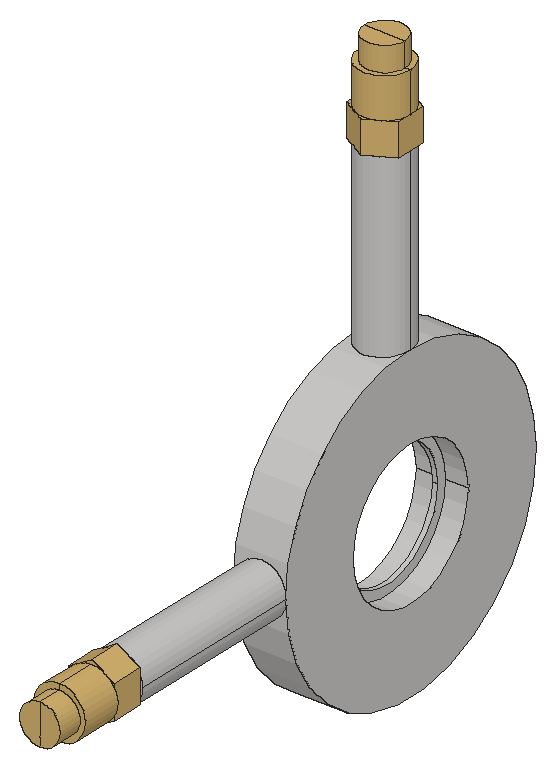
Revit family "Measuring orifices_DN50-600_RFA", category Pipe Accessories, Revit 2017
Family settings
  Round Connector Dimension = Use Diameter
  Part Type = Valve - Breaks Into
  Work Plane-Based = No
  Always vertical = Yes
  Cut with Voids When Loaded = No
  Shared = No
Parameters (values of type "Measuring Orifice_DN50_003Z2260")
  Weight = 2.00 kg
  URL = "https://store.danfoss.com/en/Climate-Solutions-for-heating/Hydronic-Balancing-and-Control/Static-balancing/Static-balancing-accessories/c/7060?q=%3Arelevance%3Adanfoss_producttypehierarchydesc%3A7e21c987e8d8679b9c4b4234c21fd9dec249fee1&text="
  Pressure Drop [instance] = 0.0 Pa
  Nominal Pressure = "PN25"  # constant formula
  Model Type = "Measuring Orifice_DN50"
  Model = "003Z2260"
  Manufacturer = "Danfoss"  # constant formula
  LOD 350 = not(LOD 200)  # yes
  LOD 200 = no
  L1 = L / 10  # 1.8 mm
  L = 18 mm
  Kvs = 69.0 m³/h
  H3 = H1 * 3 / 4  # 24.938 mm
  H2 = H1 / 3  # 11.083 mm
  H1 = (H - (D1 / 2)) * 0.35  # 33.25 mm
  H = 149 mm
  Flow [instance] = 0.0 m³/h
  Description = "Measuring Orifice"  # constant formula
  D3 = 43.8 mm
  D2 = D  # 50 mm
  D1 = 108 mm
  D = 50 mm
  Connection = "Flange"  # constant formula
  Body Material = Danfoss Stainless Steel
Types (15, lengths in mm): name | Weight | Model Type | Model | L1 | L | Kvs | H3 | H2 | H1 | H | D3 | D2 | D1 | D
  (no name) | 2.00 kg | "Measuring Orifice_DN50" | "003Z2260" | 1.8 | 18 | 69.0 m³/h | 24.938 | 11.083 | 33.25 | 149 | 43.8 | 50 | 108 | 50
  Measuring Orifice_DN50_003Z2260 | 2.00 kg | "Measuring Orifice_DN50" | "003Z2260" | 1.8 | 18 | 69.0 m³/h | 24.938 | 11.083 | 33.25 | 149 | 43.8 | 50 | 108 | 50
  Measuring Orifice_DN65_003Z2261 | 2.60 kg | "Measuring Orifice_DN65" | "003Z2261" | 1.8 | 18 | 103.0 m³/h | 25.069 | 11.142 | 33.425 | 159 | 55.1 | 65 | 127 | 65
  Measuring Orifice_DN80_003Z2262 | 2.80 kg | "Measuring Orifice_DN80" | "003Z2262" | 1.8 | 18 | 119.0 m³/h | 24.938 | 11.083 | 33.25 | 166 | 62.2 | 80 | 142 | 80
  Measuring Orifice_DN100_003Z2277 | 3.16 kg | "Measuring Orifice_DN100" | "003Z2277" | 1.8 | 18 | 233.0 m³/h | 24.15 | 10.733 | 32.2 | 176 | 83.6 | 100 | 168 | 100
  Measuring Orifice_DN125_003Z2278 | 2.78 kg | "Measuring Orifice_DN125" | "003Z2278" | 1.8 | 18 | 334.0 m³/h | 24.675 | 10.967 | 32.9 | 191 | 101.8 | 125 | 194 | 125
  Measuring Orifice_DN150_003Z2279 | 2.32 kg | "Measuring Orifice_DN150" | "003Z2279" | 1.8 | 18 | 525.0 m³/h | 24.15 | 10.733 | 32.2 | 204 | 125.5 | 150 | 224 | 150
  Measuring Orifice_DN200_003Z2280 | 5.74 kg | "Measuring Orifice_DN200" | "003Z2280" | 1.8 | 18 | 798.0 m³/h | 23.625 | 10.5 | 31.5 | 232 | 159.3 | 200 | 284 | 200
  Measuring Orifice_DN250_003Z2281 | 6.35 kg | "Measuring Orifice_DN250" | "003Z2281" | 1.8 | 18 | 1219.0 m³/h | 23.494 | 10.442 | 31.325 | 260 | 197.6 | 250 | 341 | 250
  Measuring Orifice_DN300_003Z2282 | 8.76 kg | "Measuring Orifice_DN300" | "003Z2282" | 1.8 | 18 | 1880.0 m³/h | 22.706 | 10.092 | 30.275 | 287 | 242.5 | 300 | 401 | 300
  Measuring Orifice_DN350_003Z2283 | 12.00 kg | "Measuring Orifice_DN350" | "003Z2283" | 2 | 20 | 2180.0 m³/h | 23.1 | 10.267 | 30.8 | 317 | 268 | 350 | 458 | 350
  Measuring Orifice_DN400_003Z2284 | 16.80 kg | "Measuring Orifice_DN400" | "003Z2284" | 2.3 | 23 | 2650.0 m³/h | 22.444 | 9.975 | 29.925 | 343 | 298.4 | 400 | 515 | 400
  Measuring Orifice_DN450_003Z2285 | 30.00 kg | "Measuring Orifice_DN450" | "003Z2285" | 2.8 | 28 | 3430.0 m³/h | 23.756 | 10.558 | 31.675 | 373 | 338.5 | 450 | 565 | 450
  Measuring Orifice_DN500_003Z2286 | 23.00 kg | "Measuring Orifice_DN500" | "003Z2286" | 2.8 | 28 | 4230.0 m³/h | 24.019 | 10.675 | 32.025 | 404 | 376 | 500 | 625 | 500
  Measuring Orifice_DN600_003Z2287 | 30.00 kg | "Measuring Orifice_DN600" | "003Z2287" | 2.9 | 29 | 6240.0 m³/h | 25.462 | 11.317 | 33.95 | 463 | 455.1 | 600 | 732 | 600
Reference planes
  plane 1 "Center (Front/Back)": y = 0
  plane 2: z = 0
  plane 3 "Center (Left/Right)": x = 0
  plane 4: x = -9
  plane 5: x = 9
  plane 6: z = 149
  plane 7: z = 54
  plane 8: z = -54
  plane 9: x = -0.9
  plane 10: x = 0.9
  plane 11: y = -149
  plane 12: z = 115.75
  plane 13: y = -54
  plane 14: y = -115.75
  plane 15: y = 54
  plane 16: z = 140.688
  plane 17: z = 126.833
  plane 18: y = -126.833
  plane 19: y = -140.688
  plane 20: z = 9
  plane 21: z = -9
Forms (mm)
  Extrusion 1, solid, material "Danfoss Stainless Steel" <- "Body Material", visible <- "LOD 350", detail levels fine
    sketch origin (0, 0, 0) x (0, 1, 0) y (0, 0, 1)
      loop
        circle (0, 0) r 54
    from -9 to 9
  Extrusion 2, solid, material "Danfoss Stainless Steel" <- "Body Material", visible <- "LOD 350", detail levels fine
    sketch origin (0, 0, 0) x (1, 0, 0) y (0, 1, 0)
      loop
        circle (0, 0) r 9
    from 38.761 to 115.75
  Extrusion 3, void
    sketch origin (0, 0, 0) x (0, 1, 0) y (0, 0, 1)
      loop
        circle (0, 0) r 25
    from 0.9 to 9
  Extrusion 4, void
    sketch origin (0, 0, 0) x (0, 1, 0) y (0, 0, -1)
      loop
        circle (0, 0) r 25
    from 0.9 to 9
  Extrusion 5, solid, material "Danfoss Stainless Steel" <- "Body Material", visible <- "LOD 350", detail levels fine
    sketch origin (0, 0, 0) x (1, 0, 0) y (0, 0, 1)
      loop
        circle (0, 0) r 9
    from 45.324 to 115.75
  Extrusion 6, solid, material "Danfoss Brass", visible <- "LOD 350", detail levels fine
    sketch origin (0, 0, 0) x (1, 0, 0) y (0, 1, 0)
      loop
        line (-9, -5.196) -> (0, -10.392) -> (9, -5.196) -> (9, 5.196) -> (0, 10.392) -> (-9, 5.196) -> (-9, -5.196)
    from 115.75 to 126.833
  Revolve 7, solid, material "Danfoss Brass", visible <- "LOD 350", detail levels fine
    sketch origin (0, 0, 0) x (1, 0, 0) y (0, 0, 1)
      loop
        line (0, 149) -> (-7, 149) -> (-7, 140.688) -> (-9, 140.688) -> (-9, 126.833) -> (0, 126.833) -> (0, 149)
      axis (0, 149) -> (0, 126.833)
    angle from 0 to 360
  Extrusion 8, solid, material "Danfoss Brass", visible <- "LOD 350", detail levels fine
    sketch origin (0, 0, 0) x (1, 0, 0) y (0, 0, 1)
      loop
        line (-8, -5.774) -> (0, -10.392) -> (8, -5.774) -> (8, 5.774) -> (0, 10.392) -> (-8, 5.774) -> (-8, -5.774)
    from 115.75 to 126.833
  Revolve 9, solid, material "Danfoss Brass", visible <- "LOD 350", detail levels fine
    sketch origin (0, 0, 0) x (0, 1, 0) y (0, 0, 1)
      loop
        line (-149, 0) -> (-149, -7) -> (-140.687, -7) -> (-140.687, -9) -> (-126.833, -9) -> (-126.833, 0) -> (-149, 0)
      axis (-149, 0) -> (-126.833, 0)
    angle from 0 to 360
  Extrusion 10, void
    sketch origin (0, 0, 0) x (0, 1, 0) y (0, 0, 1)
      loop
        circle (0, 0) r 21.9
    from -0.9 to 0.9
  Extrusion 11, solid, material "Danfoss Stainless Steel" <- "Body Material", visible <- "LOD 200", detail levels fine
    sketch origin (0, 0, 0) x (0, 1, 0) y (0, 0, 1)
      loop
        circle (0, 0) r 54
    from -9 to 9
  Extrusion 12, solid, material "Danfoss Brass", visible <- "LOD 200", detail levels fine
    sketch origin (0, 0, 0) x (1, 0, 0) y (0, 1, 0)
      loop
        circle (0, 0) r 9
    from 115.75 to 149
  Extrusion 13, solid, material "Danfoss Brass", visible <- "LOD 200", detail levels fine
    sketch origin (0, 0, 0) x (1, 0, 0) y (0, 0, 1)
      loop
        circle (0, 0) r 9
    from 115.75 to 149
  Extrusion 14, solid, material "Danfoss Stainless Steel" <- "Body Material", visible <- "LOD 200", detail levels fine
    sketch origin (0, 0, 0) x (1, 0, 0) y (0, 1, 0)
      loop
        circle (0, 0) r 9
    from 0 to 115.75
  Extrusion 15, solid, material "Danfoss Stainless Steel" <- "Body Material", visible <- "LOD 200", detail levels fine
    sketch origin (0, 0, 0) x (1, 0, 0) y (0, 0, 1)
      loop
        circle (0, 0) r 9
    from 0 to 115.75
Cuts and joins
  Extrusion 3, Extrusion 4, Extrusion 10 cuts Extrusion 1
  Extrusion 3, Extrusion 4, Extrusion 10 cuts Extrusion 2
  Extrusion 3, Extrusion 4, Extrusion 10 cuts Extrusion 5
  joined: Extrusion 1, Extrusion 2, Extrusion 5
  joined: Extrusion 11, Extrusion 14, Extrusion 15
Dimensions and locks
  equal spacing: plane 5, plane 3 "Center (Left/Right)", plane 4
  "L": plane 5 to plane 4
  equal spacing: plane 7, plane 2, plane 8
  "D1": plane 7 to plane 8
  "H": plane 6 to level
  "L1": plane 9 to plane 10
  equal spacing: plane 9, plane 3 "Center (Left/Right)", plane 10
  "H": plane 11 to plane 1 "Center (Front/Back)"
  equal spacing: plane 13, plane 1 "Center (Front/Back)", plane 15
  "D1": plane 13 to plane 15
  "H2": plane 17 to plane 12
  "H3": plane 16 to plane 12
  "H1": plane 6 to plane 12
  "H1": plane 11 to plane 14
  "H2": plane 18 to plane 14
  "H3": plane 19 to plane 14
  equal spacing: Extrusion 6 sketch curve, plane 3 "Center (Left/Right)", Extrusion 6 sketch curve  (x2)
  "L": Extrusion 6 sketch curve to Extrusion 6 sketch curve  (x2)
  locked: Revolve 7 sketch curve to Revolve 7 sketch curve at 2
  equal spacing: plane 20, level, plane 21
  "L": plane 20 to plane 21
  equal spacing: Extrusion 8 sketch curve, plane 3 "Center (Left/Right)", Extrusion 8 sketch curve  (x2)
  Extrusion 8 sketch curve to Extrusion 8 sketch curve = 18 mm  (x2)
  locked: Revolve 9 sketch curve to plane 21 at 2
  "D1": diameter of Extrusion 1 sketch curve
  "D2": diameter of Extrusion 3 sketch curve
  "D2": diameter of Extrusion 4 sketch curve
  "L": diameter of Extrusion 5 sketch curve
  "D3": diameter of Extrusion 10 sketch curve
  "D1": diameter of Extrusion 11 sketch curve
  "L": diameter of Extrusion 12 sketch curve
  "L": diameter of Extrusion 13 sketch curve
  "L": diameter of Extrusion 14 sketch curve
  "L": diameter of Extrusion 15 sketch curve
  "L": diameter of Extrusion 2 sketch curve
  angle Extrusion 6 sketch curve to Extrusion 6 sketch curve = 120.00°  (x3)
  angle Extrusion 8 sketch curve to Extrusion 8 sketch curve = 120.00°  (x2)
  angle Extrusion 8 sketch curve to cut or joined group of Extrusion 1, Extrusion 2, Extrusion 3, Extrusion 4, Extrusion 5, Extrusion 10 = 120.00°
  aligned and locked: level to plane 2
  aligned and locked: Extrusion 1 to plane 4
  aligned and locked: plane 5 to Extrusion 1
  aligned and locked: Extrusion 1 to Extrusion 3
  aligned and locked: Extrusion 3 to plane 10
  aligned and locked: Extrusion 1 to Extrusion 4
  aligned and locked: plane 9 to Extrusion 4
  aligned and locked: plane 3 "Center (Left/Right)" to Extrusion 2 sketch curve
  aligned and locked: plane 1 "Center (Front/Back)" to Extrusion 2 sketch curve
  aligned and locked: plane 12 to Extrusion 2
  aligned and locked: plane 14 to Extrusion 5
  aligned and locked: Extrusion 6 sketch curve to plane 4
  aligned and locked: plane 5 to Extrusion 6 sketch curve
  aligned and locked: Extrusion 6 to cut or joined group of Extrusion 1, Extrusion 2, Extrusion 3, Extrusion 4, Extrusion 5, Extrusion 10
  aligned and locked: plane 17 to Extrusion 6
  aligned and locked: Revolve 7 sketch curve to plane 3 "Center (Left/Right)"
  aligned and locked: Revolve 7 sketch curve to plane 4
  aligned and locked: Revolve 7 sketch curve to plane 6
  aligned and locked: Revolve 7 sketch curve to plane 16
  aligned and locked: Revolve 7 sketch curve to plane 17
  aligned and locked: Revolve 7 sketch curve to Revolve 7 sketch curve  (x2)
  aligned and locked: Extrusion 8 to cut or joined group of Extrusion 1, Extrusion 2, Extrusion 3, Extrusion 4, Extrusion 5, Extrusion 10
  aligned and locked: plane 18 to Extrusion 8
  aligned and locked: Revolve 9 sketch curve to plane 2
  aligned and locked: Revolve 9 sketch curve to plane 21
  aligned and locked: Revolve 9 sketch curve to plane 11
  aligned and locked: Revolve 9 sketch curve to plane 19
  aligned and locked: Revolve 9 sketch curve to plane 18
  aligned and locked: Revolve 9 sketch curve to Revolve 9 sketch curve  (x2)
  aligned and locked: Extrusion 10 to plane 9
  aligned and locked: plane 10 to Extrusion 10
  aligned and locked: Extrusion 11 to plane 4
  aligned and locked: plane 5 to Extrusion 11
  aligned and locked: Extrusion 12 to cut or joined group of Extrusion 1, Extrusion 2, Extrusion 3, Extrusion 4, Extrusion 5, Extrusion 10
  aligned and locked: plane 6 to Extrusion 12
  aligned and locked: Extrusion 13 to plane 14
  aligned and locked: plane 11 to Extrusion 13
  aligned and locked: Extrusion 14 to level
  aligned and locked: plane 12 to Extrusion 14
  aligned and locked: Extrusion 15 to plane 1 "Center (Front/Back)"
  aligned and locked: plane 14 to Extrusion 15
  aligned and locked: cut or joined group of Extrusion 1, Extrusion 2, Extrusion 3, Extrusion 4, Extrusion 5, Extrusion 10 to plane 4
  aligned and locked: plane 5 to cut or joined group of Extrusion 1, Extrusion 2, Extrusion 3, Extrusion 4, Extrusion 5, Extrusion 10
  aligned and locked: plane 1 "Center (Front/Back)" to nested 1
  aligned and locked: plane 3 "Center (Left/Right)" to nested 1
Automatic sketch dimensions
  Revolve 7 sketch curve to plane 17 = 0 mm
  Revolve 9 sketch curve to plane 18 = 0 mm
  plane 4 to Extrusion 8 sketch curve = 1 mm
  Extrusion 8 sketch curve to plane 5 = 1 mm
  Extrusion 1 sketch curve to level = 0 mm
  Extrusion 1 sketch curve to plane 1 "Center (Front/Back)" = 0 mm
  Extrusion 3 sketch curve to level = 0 mm
  Extrusion 3 sketch curve to plane 1 "Center (Front/Back)" = 0 mm
  Extrusion 4 sketch curve to level = 0 mm
  Extrusion 4 sketch curve to plane 1 "Center (Front/Back)" = 0 mm
  Extrusion 5 sketch curve to level = 0 mm
  Extrusion 5 sketch curve to plane 3 "Center (Left/Right)" = 0 mm
  Extrusion 10 sketch curve to level = 0 mm
  Extrusion 10 sketch curve to plane 1 "Center (Front/Back)" = 0 mm
  Extrusion 11 sketch curve to level = 0 mm
  Extrusion 11 sketch curve to plane 1 "Center (Front/Back)" = 0 mm
  plane 1 "Center (Front/Back)" to Extrusion 12 sketch curve = 0 mm
  Extrusion 12 sketch curve to plane 3 "Center (Left/Right)" = 0 mm
  Extrusion 13 sketch curve to level = 0 mm
  Extrusion 13 sketch curve to plane 3 "Center (Left/Right)" = 0 mm
  plane 1 "Center (Front/Back)" to Extrusion 14 sketch curve = 0 mm
  Extrusion 14 sketch curve to plane 3 "Center (Left/Right)" = 0 mm
  Extrusion 15 sketch curve to level = 0 mm
  Extrusion 15 sketch curve to plane 3 "Center (Left/Right)" = 0 mm
Nested families
  nested 1: "Schematic_Orifice Plate" at (0, 0, 0), type "Schematic_Orifice Plate", detail levels coarse+medium
Connectors
  piping at (9, 0, 0), diameter 50, driven by "D", driven by "Flow"
    settings: on cut or joined group of Extrusion 1, Extrusion 2, Extrusion 3, Extrusion 4, Extrusion 5, Extrusion 10, index 1, connector inside diameter 609.6 mm, connector length 0 mm, flow factor 0, pipe flow 0.0 m³/h, pressure drop 0.0 Pa, fitting loss kfactor 0, connector angle 0.00°, fixture units 0, engagement length 0 mm, angle of deflection 0.00°, flow configuration 0, flow direction 1, fitting loss method 0, system type 29, joint type 0, gender type 0, connector reference index 2, connector utility 0, adjustable connector no, is connector primary yes, connector description ""
  piping at (-9, 0, 0), diameter 50, driven by "D"
    settings: on cut or joined group of Extrusion 1, Extrusion 2, Extrusion 3, Extrusion 4, Extrusion 5, Extrusion 10, index 2, connector inside diameter 609.6 mm, connector length 0 mm, flow factor 0, pipe flow 0.0 m³/h, pressure drop 0.0 Pa, fitting loss kfactor 0, connector angle 0.00°, fixture units 0, engagement length 0 mm, angle of deflection 0.00°, flow configuration 0, flow direction 2, fitting loss method 0, system type 29, joint type 0, gender type 0, connector reference index 1, connector utility 0, adjustable connector no, is connector primary no, connector description ""
Definition of nested family "Schematic_Orifice Plate"
  Parameters (values of type "Schematic_Orifice Plate")
    R1 = L / 8  # 11.25 mm
    L = H * 3 / 4  # 90 mm
    H = 120 mm
    D = L  # 90 mm
  Reference planes
    plane 1 "Center (Front/Back)": y = 0
    plane 2: z = 0
    plane 3 "Center (Left/Right)": x = 0
    plane 4: z = 120
    plane 5: x = 45
    plane 6: x = -45
    plane 7: z = -45
    plane 8: z = 45
    plane 9: y = 120
    plane 10: y = 45
    plane 11: y = -45
  Lines and regions (mm)
    model lines
      curve 1: line (0, 0, -45) -> (0, 0, 45)
      curve 2: line (0, 0, 45) -> (-45, 0, 120)
      curve 3: line (0, 0, 45) -> (45, 0, 120)
      curve 4: circle (-45, 0, 120) r 11.25 normal (0, -1, 0)
      curve 5: circle (45, 0, 120) r 11.25 normal (0, -1, 0)
    symbolic lines
      curve 6: line (0, -45, 0) -> (0, 45, 0)
      curve 7: line (0, 45, 0) -> (-45, 120, 0)
      curve 8: line (0, 45, 0) -> (45, 120, 0)
      curve 9: circle (-45, 120, 0) r 11.25 normal (0, 0, 1)
      curve 10: circle (45, 120, 0) r 11.25 normal (0, 0, 1)
  Dimensions and locks
    "H": plane 4 to plane 2
    equal spacing: plane 5, plane 3 "Center (Left/Right)", plane 6
    "L": plane 5 to plane 6
    equal spacing: plane 8, plane 2, plane 7
    "D": plane 8 to plane 7
    equal spacing: plane 11, plane 1 "Center (Front/Back)", plane 10
    "D": plane 11 to plane 10
    "H": plane 1 "Center (Front/Back)" to plane 9
    "R1": radius of curve 5
    "R1": radius of curve 4
    "R1": radius of curve 10
    "R1": radius of curve 9
    aligned and locked: level to plane 2
    aligned and locked: plane 7 to curve 1
    aligned and locked: plane 3 "Center (Left/Right)" to curve 1
    aligned and locked: plane 6 to curve 2
    aligned and locked: plane 5 to curve 3
  Automatic sketch dimensions
    curve 4 to plane 4 = 0 mm
    curve 4 to plane 6 = 0 mm
    curve 5 to plane 4 = 0 mm
    curve 5 to plane 5 = 0 mm
    curve 2 to plane 8 = 0 mm
    curve 3 to plane 4 = 0 mm
    curve 2 to plane 4 = 0 mm
    curve 7 to plane 6 = 0 mm
    curve 9 to plane 6 = 0 mm
    curve 7 to plane 3 "Center (Left/Right)" = 0 mm
    curve 10 to plane 5 = 0 mm
    curve 8 to plane 5 = 0 mm
    plane 11 to curve 6 = 0 mm
    plane 10 to curve 7 = 0 mm
    plane 9 to curve 8 = 0 mm
    plane 9 to curve 9 = 0 mm
    plane 9 to curve 10 = 0 mm
    plane 9 to curve 7 = 0 mm
